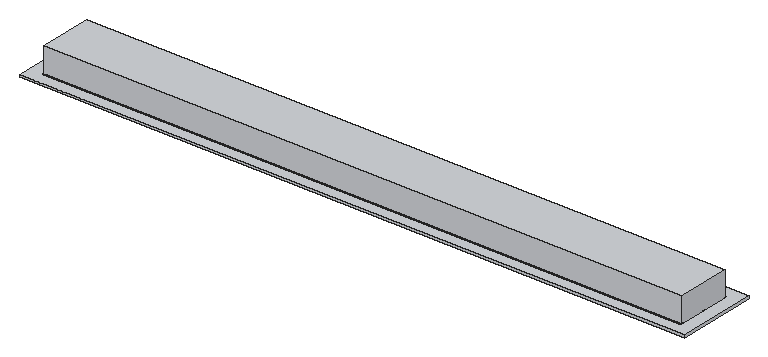
Revit family "PE GRD Exhaust", category Air Terminals, Revit 2025
Family settings
  Round Connector Dimension = Use Diameter
  Part Type = Normal
  Work Plane-Based = No
  Always vertical = Yes
  Cut with Voids When Loaded = No
  Maintain Annotation Orientation = No
  Shared = No
  Room Calculation Point = No
Parameters (values of type "Slot")
  _vane spacing = 0' - 0"
  _opening inset widthwise = 0' - 1"
  _opening inset lengthwise = _opening inset widthwise  # 0' - 1"
  _neck depth = 0' - 2"
  _flange thickness = 0' - 0 5/32"
  _flange size widthwise = 0' - 1"
  _flange size lengthwise = _flange size widthwise  # 0' - 1"
  _flange opening thickness = _flange thickness - 0' 0 1/32"  # 0' - 0 1/8"
  _clearance = 0' - 1"
  _calc vane half count = if(_vane spacing = 0' 0", 0, roundup((PE_M_Grd_OpenWidth / 2) / _vane spacing))  # 0
  __PE GRD INSTRUCTIONS = "When modeling:\r\n1. Choose GRD family of correct system type (Exhaust, Intake, Return, Supply)\r\n2. Choose family type matching GRD model you intend to place\r\n3. Set \"PE_G___TagInstance\" according to the location and device type\r\n\r\nGRD model missing:\r\n1. Find GRD family of intended system type (Exhaust, Intake, Return, Supply)\r\n2. Create new family type (e.g. \"Price LBP15A\")\r\n3. Using manufacturer documentation, set parameters:\r\n    - to control neck: \"PE_M_Grd_Neck...\"\r\n    - to control opening: \"_opening inset...\"\r\n    - to control device face: \"_flange size...\"\r\n    - to control rough opening: \"_clearance\"\r\n    - to control vane/blade spacing: \"_vane spacing\""
  PE_M___ServesSystem [instance] = ""
  PE_M___ServesRoom [instance] = ""
  PE_M___ServesEquip [instance] = ""
  PE_M_Grd_RoughOpenWidth = PE_M_Grd_NeckWidth + _clearance * 2  # 0' - 6"
  PE_M_Grd_RoughOpenLength = PE_M_Grd_NeckLength + _clearance * 2  # 4' - 2"
  PE_M_Grd_OpenWidth = PE_M_Grd_DeviceWidth - _opening inset widthwise * 2  # 0' - 4"
  PE_M_Grd_OpenLength = PE_M_Grd_DeviceLength - _opening inset lengthwise * 2  # 4' - 0"
  PE_M_Grd_NeckWidth = 0' - 4"
  PE_M_Grd_NeckLength = 4' - 0"
  PE_M_Grd_ExternalStaticPressure [instance] = 0.00 in-wg
  PE_M_Grd_DeviceWidth = 0' - 6"
  PE_M_Grd_DeviceLength = 4' - 2"
  PE_M_Grd_AirFlow [instance] = 0 CFM
  PE_M_Fan_Filter [instance] = ""
  PE_G___Weight = -1
  PE_G___URL = ""
  PE_G___TagType = ""
  PE_G___TagInstance [instance] = "ESX-#"
  PE_G___SoundLevel [instance] = -1
  PE_G___NotesType = ""
  PE_G___NotesInstance [instance] = ""
  PE_G___Model = "CRE510"
  PE_G___Manufacturer = "Tuttle and Bailey"
  PE_G___Location [instance] = ""
  PE_G___Description = ""
  PE_G___Controller [instance] = ""
  Default Elevation = 0' - 0"
Types (4): name | _vane spacing | _opening inset widthwise | _opening inset lengthwise | _flange size widthwise | _flange size lengthwise | _calc vane half count | PE_M_Grd_RoughOpenWidth | PE_M_Grd_RoughOpenLength | PE_M_Grd_OpenWidth | PE_M_Grd_OpenLength | PE_M_Grd_NeckWidth | PE_M_Grd_NeckLength | PE_M_Grd_ExternalStaticPressure | PE_M_Grd_DeviceWidth | PE_M_Grd_DeviceLength | PE_M_Grd_AirFlow | PE_G___URL | PE_G___TagInstance | PE_G___SoundLevel | PE_G___Model | PE_G___Manufacturer | PE_G___Description
  Bar | 0' - 0 3/4" | 0' - 1" | 0' - 1" | 0' - 0 1/2" | 0' - 0 1/2" | 19 | 2' - 7" | 1' - 10" | 2' - 4" | 1' - 7" | 2' - 5" | 1' - 8" | 0.00 in-wg | 2' - 6" | 1' - 9" | 0 CFM | "" | "EBX-#" | -1 | "" | "" | ""
  Grille | 0' - 0 3/4" | 0' - 1" | 0' - 1" | 0' - 0 1/2" | 0' - 0 1/2" | 13 | 1' - 10" | 1' - 0" | 1' - 7" | 0' - 9" | 1' - 8" | 0' - 10" | 0.00 in-wg | 1' - 9" | 0' - 11" | 0 CFM | "" | "EGX-#" | -1 | "CRE510" | "Tuttle and Bailey" | ""
  Price LBP15A | 0' - 0 1/4" | 0' - 0" | 0' - 0" | 0' - 0" | 0' - 0" | 8 | 0' - 6" | 4' - 2" | 0' - 4" | 4' - 0" | 0' - 4" | 4' - 0" | 0.024 in-wg | 0' - 4" | 4' - 0" | 292 CFM | "https://www.priceindustries.com/content/uploads/assets/literature/catalogs/lbplbphlbmlbmh-linear-bar-grille-catalog.pdf" | "EBX-#" | 79 | "" | "" | "4\" Price LBP15A @ 0.024 in-wg static pressure"
  Slot | 0' - 0" | 0' - 1" | 0' - 1" | 0' - 1" | 0' - 1" | 0 | 0' - 6" | 4' - 2" | 0' - 4" | 4' - 0" | 0' - 4" | 4' - 0" | 0.00 in-wg | 0' - 6" | 4' - 2" | 0 CFM | "" | "ESX-#" | -1 | "CRE510" | "Tuttle and Bailey" | ""
Reference planes (in)
  plane 1 "Center (Front/Back)": y = 0
  plane 2: z = 0
  plane 3 "Center (Left/Right)": x = 0
  plane 4 "neck (Left)": x = -24
  plane 5 "neck (Right)": x = 24
  plane 6 "opening (Left)": x = -24
  plane 7 "opening (Right)": x = 24
  plane 8 "device (Left)": x = -25
  plane 9 "device (Right)": x = 25
  plane 10 "neck (Back)": y = 2
  plane 11 "neck (Front)": y = -2
  plane 12 "opening (Back)": y = 2
  plane 13 "opening (Front)": y = -2
  plane 14 "device (Back)": y = 3
  plane 15 "device (Front)": y = -3
Forms (in)
  Extrusion 1, solid
    sketch origin (0, 0, 0) x (1, 0, 0) y (0, 1, 0)
      loop
        line (24, 2) -> (-24, 2) -> (-24, -2) -> (24, -2) -> (24, 2)
    from 0.125 <- "_flange opening thickness" to 2 <- "_neck depth"
  Extrusion 2, solid
    sketch origin (0, 0, 0) x (1, 0, 0) y (0, 1, 0)
      loop
        line (-25, 3) -> (-25, -3) -> (25, -3) -> (25, 3) -> (-25, 3)
    from 0 to 0.15625 <- "_flange thickness"
  Extrusion 3, void
    sketch origin (0, 0, 0) x (1, 0, 0) y (0, 1, 0)
      loop
        line (-24, 2) -> (-24, -2) -> (24, -2) -> (24, 2) -> (-24, 2)
    from 0 to 0.15625 <- "_flange thickness"
Cuts and joins
  Extrusion 3 cuts Extrusion 1
  Extrusion 3 cuts Extrusion 2
Dimensions and locks (in)
  "PE_M_Grd_NeckLength": plane 4 "neck (Left)" to plane 5 "neck (Right)"
  equal spacing: plane 4 "neck (Left)", plane 3 "Center (Left/Right)", plane 5 "neck (Right)"
  "PE_M_Grd_OpenLength": plane 6 "opening (Left)" to plane 7 "opening (Right)"
  equal spacing: plane 6 "opening (Left)", plane 3 "Center (Left/Right)", plane 7 "opening (Right)"
  "PE_M_Grd_DeviceLength": plane 8 "device (Left)" to plane 9 "device (Right)"
  equal spacing: plane 8 "device (Left)", plane 3 "Center (Left/Right)", plane 9 "device (Right)"
  "PE_M_Grd_NeckWidth": plane 10 "neck (Back)" to plane 11 "neck (Front)"
  equal spacing: plane 10 "neck (Back)", plane 1 "Center (Front/Back)", plane 11 "neck (Front)"
  "PE_M_Grd_OpenWidth": plane 12 "opening (Back)" to plane 13 "opening (Front)"
  equal spacing: plane 12 "opening (Back)", plane 1 "Center (Front/Back)", plane 13 "opening (Front)"
  "PE_M_Grd_DeviceWidth": plane 14 "device (Back)" to plane 15 "device (Front)"
  equal spacing: plane 14 "device (Back)", plane 1 "Center (Front/Back)", plane 15 "device (Front)"
  group 1 to group 2 = 0' - 0"  (x2)
  group 1 to group 2 = 0' - 2"
  group 1 to group 3 = 0' - 0"  (x2)
  group 3 to group 1 = 0' - 2"
  aligned and locked: plane 2 to level
  aligned and locked: Extrusion 1 sketch curve to plane 10 "neck (Back)"
  aligned and locked: plane 5 "neck (Right)" to Extrusion 1 sketch curve
  aligned and locked: plane 11 "neck (Front)" to Extrusion 1 sketch curve
  aligned and locked: Extrusion 1 sketch curve to plane 4 "neck (Left)"
  aligned and locked: plane 14 "device (Back)" to Extrusion 2 sketch curve
  aligned and locked: plane 8 "device (Left)" to Extrusion 2 sketch curve
  aligned and locked: Extrusion 2 sketch curve to plane 15 "device (Front)"
  aligned and locked: Extrusion 2 sketch curve to plane 9 "device (Right)"
  aligned and locked: plane 12 "opening (Back)" to Extrusion 3 sketch curve
  aligned and locked: plane 6 "opening (Left)" to Extrusion 3 sketch curve
  aligned and locked: Extrusion 3 sketch curve to plane 13 "opening (Front)"
  aligned and locked: Extrusion 3 sketch curve to plane 7 "opening (Right)"
  aligned and locked: plane 3 "Center (Left/Right)" to nested 1
  aligned and locked: plane 1 "Center (Front/Back)" to nested 1
  aligned and locked: plane 12 "opening (Back)" to nested 2
  aligned and locked: plane 13 "opening (Front)" to nested 3
Nested families (in)
  nested 1: "vane" at (0, 0, 0), type "type one"
    with _vane length 4' - 0"
  nested 2: "vane" at (0, 2, 0), type "type one"
    with _vane length 4' - 0"
  nested 3: "vane" at (0, -2, 0), type "type one"
    with _vane length 4' - 0"
Connectors (in)
  hvac at (0, 0, 2), driven by "PE_M_Grd_NeckLength", driven by "PE_M_Grd_NeckWidth", driven by "PE_M_Grd_AirFlow"
    settings: on cut or joined group of Extrusion 1, Extrusion 3, index 1, duct flow 0 CFM, flow factor 0, pres drop 0.00 in-wg, loss coef 0, conn angle 0.00°, conn width 4", conn height 48", conn diameter 24", duct sys type 3, conn prof type 1, flow config 1, flow direction 2, loss method 0, conn ref index -1, conn util no, is conn primary yes, conn desc ""
Definition of nested family "vane"
  Parameters (values of type "type one")
    _vane thickness = 0' - 0 5/32"
    _vane length = 3' - 11"
    Default Elevation = 0' - 0"
  Types (2): name | _vane thickness | _vane length
    type one | 0' - 0 5/32" | 3' - 11"
    type two | 0' - 0" | 1' - 10"
  Reference planes (in)
    plane 1 "Center (Front/Back)": y = 0
    plane 2: z = 0
    plane 3 "Center (Left/Right)": x = 0
    plane 4: x = -23.5
    plane 5: x = 23.5
  Forms (in)
    Extrusion 1, solid
      sketch origin (0.07341, -0.125, 0) x (1, 0, 0) y (0, 1, 0)
        loop
          line (-23.57341, 0) -> (23.42659, 0) -> (23.42659, 0.25) -> (-23.57341, 0.25) -> (-23.57341, 0)
      from 0 to 0.15625 <- "_vane thickness"
  Dimensions and locks (in)
    equal spacing: plane 4, plane 3 "Center (Left/Right)", plane 5
    "_vane length": plane 4 to plane 5
    aligned and locked: plane 2 to level
    aligned and locked: Extrusion 1 to plane 4
    aligned and locked: Extrusion 1 to plane 5
  Automatic sketch dimensions
    Extrusion 1 sketch curve to plane 3 "Center (Left/Right)" = 1' - 11 1/2"
    Extrusion 1 sketch curve to plane 1 "Center (Front/Back)" = 0' - 0 1/8"
    Extrusion 1 sketch curve to plane 5 = 0' - 0"
    plane 1 "Center (Front/Back)" to Extrusion 1 sketch curve = 0' - 0 1/8"
